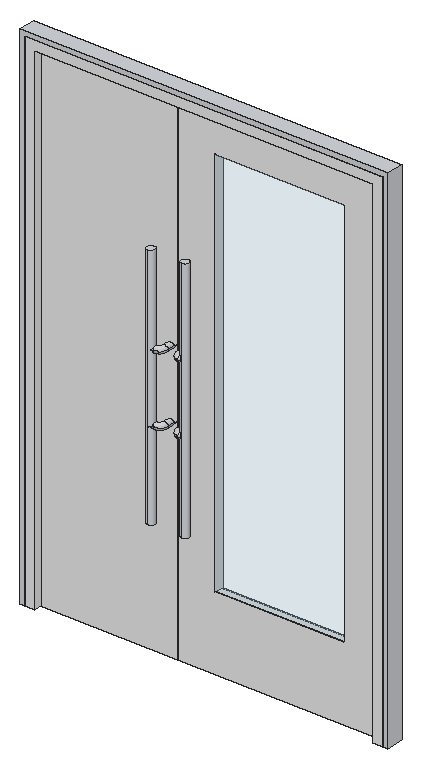
Revit family "AC_Дверь_Двупольная_Стальная_Противопожарная", category Двери, Revit 2022
Family settings
  Основа = Стена
  Номер OmniClass = 23.30.10.00
  Заголовок OmniClass = Doors
  Всегда вертикально = Да
  При загрузке вырезать с полостями = Нет
  Общий = Нет
  Точка принадлежности помещению = Нет
Parameters (values of type "ДСВ Дп Брг 2100х1500 Противопожарная")
  Четверт_Высота [instance] = 40 mm
  Четверть [instance] = no
  Четверть_Сверху [instance] = if(Четверть, Четверт_Высота, 0 mm)  # 0 mm
  Четверть_Сбоку [instance] = if(Четверть, Четверть_Ширина, 0 mm)  # 0 mm
  Четверть_Ширина [instance] = 40 mm
  Функция = Наружные слои
  УГО_Толщина = 20 mm
  Тип ручки = 1Ручка : Витражная
  Тип полотна двери 2 = АС-Полотно : Глухое
  Тип полотна двери 1 = АС-Полотно : Остекленное
  Тип открывания [instance] = 2
  Ручка полотна 2 = yes
  Ручка полотна 1 = yes
  Ручка двери = none
  Рама двери2_Ширина справа = 150 mm
  Рама двери2_Ширина слева = 150 mm
  Рама двери2_Ширина внизу = 300 mm
  Рама двери2_Ширина вверху = 150 mm
  Рама двери1_Ширина справа = 150 mm
  Рама двери1_Ширина слева = 150 mm
  Рама двери1_Ширина внизу = 300 mm
  Рама двери1_Ширина вверху = 150 mm
  Рама двери = none
  Равные полотна = no
  Полотно2_Ширина = ДопШирина - Полотно1_Размер - Коробка_Ширина * 2  # 570 mm
  Полотна_Высота = ДопВысота - Коробка_Ширина  # 2050 mm
  Полотно1_Ширина = 830 mm
  Полотно1_Размер = if(Равные полотна, Полотна_Ширина / 2, Полотно1_Ширина)  # 830 mm
  Полотна_Ширина = ДопШирина - Коробка_Ширина * 2  # 1400 mm
  Определить тепловые свойства по = Тип схем
  ДопШирина = Rough Width - Монтажный зазор_Справа и Слева * 2  # 1460 mm
  ДопВысота = Rough Height - Монтажный зазор_Верх  # 2080 mm
  Высота расположения ручки = 1000 mm
  Высота витражной ручки = 1000 mm
  Аналитическая конструкция = "<Нет>"
  ADSK_Обозначение = "ГОСТ 31173-2016"
  Наличник двери = none
  ADSK_Наименование = "ДСВ Дп Брг 2100х1500"
  Монтажный зазор_Верх = 20 mm  # constant formula
  Коробка_Ширина = 30 mm
  Коробка_Толщина = 70 mm
  Полотно двери = none
  Остекление двери = none
  Наличник_Ширина [instance] = 60 mm
  Наличник_Толщина [instance] = 10 mm
  Наличник снаружи [instance] = no
  Наличник внутри [instance] = no
  Монтажный зазор_Справа и Слева = 20 mm  # constant formula
  Вставка(Четверть.Глубина) [instance] = 0 mm
  Инструкция по семейству [instance] = ""
  Огибание наружных слоев [instance] = 0 mm
  Width [instance] = Rough Width  # 1500 mm
  Thickness = 40 mm
  Rough Width = 1500 mm
  Rough Height = 2100 mm
  Model = ""
  Manufacturer = ""
  Wall Closure = (empty or 0)
  Height [instance] = Rough Height  # 2100 mm
  Description = ""
  Тип конструкций = "Дверь стальная"
  ADSK_Этаж [instance] = ""
  ADSK_Толщина стены [instance] = 600 mm
  ADSK_Примечание [instance] = ""
  ADSK_Предел огнестойкости = ""
  ADSK_Позиция [instance] = ""
  ADSK_Открывание = if(Равные полотна, "Равные полотна", if(Полотно1_Ширина > Полотно2_Ширина, "Левая", "Правая"))  # "Левая"
  ADSK_Откосы Глубина [instance] = 530 mm
  ADSK_Наименование краткое = ""
  ADSK_Масса_Текст = ""
  ADSK_Количество [instance] = 0
  ADSK_Код изделия = ""
  ADSK_Зона [instance] = ""
  ADSK_Завод-изготовитель = ""
  ADSK_Единица измерения = ""
  ADSK_Группирование [instance] = ""
  ADSK_Версия семейства = "v.1.0"  # constant formula
  ADSK_Версия Revit = "v2019"  # constant formula
  ADSK_URL страницы изделия = ""
  ADSK_URL документации изделия = ""
Types (2, lengths in mm): name | Тип полотна двери 2 | Тип полотна двери 1 | Полотно2_Ширина | Полотна_Высота | Полотно1_Ширина | Полотно1_Размер | Полотна_Ширина | ДопШирина | ДопВысота | ADSK_Наименование | Width | Rough Width | Rough Height | Height | ADSK_Открывание
  ДСВ Дп Брг 2400х1550 Противопожарная | АС-Полотно : Остекленное | АС-Полотно : Глухое | 880 | 2350 | 570 | 570 | 1450 | 1510 | 2380 | "ДСВ Дп Брг 2400х1550" | 1550 | 1550 | 2400 | 2400 | "Правая"
  ДСВ Дп Брг 2100х1500 Противопожарная | АС-Полотно : Глухое | АС-Полотно : Остекленное | 570 | 2050 | 830 | 830 | 1400 | 1460 | 2080 | "ДСВ Дп Брг 2100х1500" | 1500 | 1500 | 2100 | 2100 | "Левая"
Reference planes
  plane 1: y = 0
  plane 2 "По центру (Влево/Вправо)": x = 0
  plane 3 "Слева": x = -750
  plane 4 "Справа": x = 750
  plane 5: z = 2100
  plane 6 "Наружный": y = 300
  plane 7 "Внутренние": y = -300
  plane 8 "Вставка двери": y = 300
  plane 9 "Четверть слева": x = -750
  plane 10 "Четверть справа": x = 750
  plane 11 "Четверть сверху": z = 2100
  plane 12 "Полотно двери": y = 260
  plane 13 "Рама внутри": y = 230
  plane 14 "Монтажный зазор слева": x = -730
  plane 15 "Монтажный зазор справа": x = 730
  plane 16 "Монтажный зазор сверху": z = 2080
  plane 17 "Глубина огибания наружного слоя": y = 300
  plane 18: y = 310
  plane 19: x = 740
  plane 20: y = -310
  plane 21: x = -740
  plane 22: x = -700
  plane 23: x = 700
  plane 24: z = 1025
  plane 25 "Верх полотна": z = 2050
  plane 26 "Разделение полотен": x = -130
Forms (mm)
  Extrusion 1, void
    sketch origin (0, 0, 0) x (1, 0, 0) y (0, 1, 0)
      loop
        line (750, 300) -> (-750, 300) -> (-750, -800) -> (750, -800) -> (750, 300)
    from 0 to 2100
  Extrusion 2, void
    sketch origin (0, 0, 0) x (1, 0, 0) y (0, 1, 0)
      loop
        line (750, 800) -> (-750, 800) -> (-750, 300) -> (750, 300) -> (750, 800)
    from 0 to 2100
  Sweep 3, solid, material <- "Наличник двери", visible <- "Наличник снаружи", detail levels fine
    path origin (0, 300, 0) x (1, 0, 0) y (0, 0, 1)
      loop
        line (-750, 0) -> (-750, 2100) -> (750, 2100) -> (750, 0)
    profile origin (-750, 300, 1050) x (-1, 0, 0) y (0, -1, 0)
      loop
        line (-10, 0) -> (-10, -5)
        arc (-10, -5) -> (-8.536, -8.536) -> (-5, -10) r 5
        line (-5, -10) -> (45, -10)
        arc (45, -10) -> (48.536, -8.536) -> (50, -5) r 5
        line (50, -5) -> (50, 0) -> (-10, 0)
  Sweep 4, solid, material <- "Наличник двери", visible <- "Наличник внутри", detail levels fine
    path origin (0, -300, 0) x (1, 0, 0) y (0, 0, 1)
      loop
        line (-750, 0) -> (-750, 2100) -> (750, 2100) -> (750, 0)
    profile origin (-750, -300, 1050) x (-1, 0, 0) y (0, -1, 0)
      loop
        line (-20, 0) -> (40, 0) -> (40, 5)
        arc (40, 5) -> (38.536, 8.536) -> (35, 10) r 5
        line (35, 10) -> (-15, 10)
        arc (-15, 10) -> (-18.536, 8.536) -> (-20, 5) r 5
        line (-20, 5) -> (-20, 0)
  Sweep 5, solid, material <- "Рама двери", detail levels medium+fine
    path origin (0, 300, 0) x (-1, 0, 0) y (0, 0, 1)
      loop
        line (730, 0) -> (730, 2080) -> (-730, 2080) -> (-730, 0)
    profile origin (730, 300, 1040) x (0, 1, 0) y (-1, 0, 0)
      loop
        line (0, 0) -> (0, 30) -> (-40, 30) -> (-40, 40) -> (-70, 40) -> (-70, 0) -> (0, 0)
  Sweep 6, solid, material <- "Наличник двери", visible <- "Наличник внутри", detail levels fine
    path origin (0, 230, 0) x (-1, 0, 0) y (0, 0, 1)
      loop
        line (750, 0) -> (750, 2100) -> (-750, 2100) -> (-750, 0)
    profile origin (-750, 230, 1050) x (1, 0, 0) y (0, 1, 0)
      loop
        line (0, -535) -> (20, -535) -> (20, 0) -> (0, 0) -> (0, -535)
  Sweep 7, solid, material <- "Наличник двери", visible <- "Наличник снаружи", detail levels fine
    path origin (0, 300, 0) x (-1, 0, 0) y (0, 0, 1)
      loop
        line (750, 0) -> (750, 2100) -> (-750, 2100) -> (-750, 0)
    profile origin (750, 300, 1050) x (0, 1, 0) y (-1, 0, 0)
      loop
        line (5, 0) -> (5, 10) -> (0, 10) -> (0, 0) -> (5, 0)
  Extrusion 8, solid, material <- "Рама двери", detail levels medium+fine
    sketch origin (-2514.822, 300, 1200) x (-1, 0, 0) y (0, 0, 1)
      loop
        line (-3264.822, 900) -> (-3264.822, -1200) -> (-3244.822, -1200) -> (-3244.822, 880) -> (-1784.822, 880) -> (-1784.822, -1200) -> (-1764.822, -1200) -> (-1764.822, 900) -> (-3264.822, 900)
    from 0 to -70
Cuts and joins
  joined: Sweep 4, Sweep 6
  joined: Sweep 3, Sweep 7
Lines and regions (mm)
  Masking region 1, detail levels fine
    outline origin (0, 0, 0) x (0, 1, 0) y (0, 0, 1)
      loop
        line (230, 2040) -> (260, 2040) -> (260, 2050) -> (300, 2050) -> (300, 2080) -> (230, 2080) -> (230, 2040)
  Masking region 2, detail levels fine
    outline origin (0, 0, 0) x (0, 1, 0) y (0, 0, 1)
      loop
        line (300, 2080) -> (300, 2100) -> (230, 2100) -> (230, 2080) -> (300, 2080)
  Masking region 3, detail levels fine
    outline origin (0, 0, 0) x (0, 1, 0) y (0, 0, 1)
      loop
        line (300, 0) -> (300, 2050) -> (260, 2050) -> (260, 0) -> (300, 0)
  Masking region 4, detail levels fine
    outline origin (0, 0, 0) x (0, 1, 0) y (0, 0, 1)
      loop
        line (230, 2040) -> (230, 0) -> (260, 0) -> (260, 2040) -> (230, 2040)
  Masking region 5, detail levels coarse+medium
    outline origin (0, 0, 0) x (0, 1, 0) y (0, 0, 1)
      loop
        line (300, 0) -> (300, 2100) -> (230, 2100) -> (230, 0) -> (300, 0)
  symbolic lines, style "Открывание", detail levels medium
    curve 1: line (-700, 300, 0) -> (-130, 300, 1025)
    curve 2: line (-130, 300, 1025) -> (-700, 300, 2050)
  symbolic lines, style "Открывание", not visible, detail levels medium
    curve 3: line (700, 300, 0) -> (-130, 300, 1025)
    curve 4: line (-130, 300, 1025) -> (700, 300, 2050)
Text (mm)
  text "Наружный" at (-2295.016, 1099.543, 0), in view "Опорный уровень "
  text "Наружный" at (0, 1615.38, 3698.081), in view "Слева"
  text "Наружный" at (0, 1036.032, 3874.932), in view "Справа"
Dimensions and locks
  equal spacing: plane 14 "Монтажный зазор слева", plane 2 "По центру (Влево/Вправо)", plane 15 "Монтажный зазор справа"
  "Width": plane 3 "Слева" to plane 4 "Справа"
  "ДопВысота": host wall to plane 16 "Монтажный зазор сверху"
  "Height": host wall to plane 5
  locked: plane 6 "Наружный" to host wall
  locked: plane 7 "Внутренние" to host wall
  locked: Extrusion 1 sketch curve to plane 7 "Внутренние" at 500
  "Четверть_Сбоку": plane 3 "Слева" to plane 9 "Четверть слева"
  "Четверть_Сбоку": plane 10 "Четверть справа" to plane 4 "Справа"
  "Четверть_Сверху": plane 11 "Четверть сверху" to plane 5
  locked: plane 6 "Наружный" to Extrusion 2 sketch curve at 500
  "Вставка(Четверть.Глубина)": plane 6 "Наружный" to plane 8 "Вставка двери"
  "Наличник_Ширина": Sweep 3 sketch curve to plane 21
  "Коробка_Толщина": plane 8 "Вставка двери" to plane 13 "Рама внутри"
  "Thickness": plane 8 "Вставка двери" to plane 12 "Полотно двери"
  "Огибание наружных слоев": plane 6 "Наружный" to plane 17 "Глубина огибания наружного слоя"
  "Наличник_Ширина": Sweep 4 sketch curve to Sweep 4 sketch curve
  locked: Sweep 4 sketch curve to Sweep 4 sketch curve at 5  (x4)
  locked: Sweep 3 sketch curve to Sweep 3 sketch curve at 5
  "Коробка_Ширина": Sweep 5 sketch curve to profile plane
  locked: Sweep 5 sketch curve to Sweep 5 sketch curve at 10
  locked: Sweep 6 sketch curve to plane 20 at 5
  "Наличник_Толщина": plane 7 "Внутренние" to plane 20
  "Наличник_Толщина": plane 18 to plane 6 "Наружный"
  "Наличник_Толщина": plane 9 "Четверть слева" to plane 21
  "Наличник_Толщина": plane 19 to plane 10 "Четверть справа"
  locked: plane 18 to Sweep 3 sketch curve at 5  (x2)
  locked: Sweep 3 sketch curve to plane 21 at 5
  locked: plane 18 to Sweep 7 sketch curve at 5
  "ADSK_Откосы Глубина": plane 7 "Внутренние" to plane 13 "Рама внутри"
  equal spacing: plane 3 "Слева", plane 2 "По центру (Влево/Вправо)", plane 4 "Справа"
  "ДопШирина": plane 14 "Монтажный зазор слева" to plane 15 "Монтажный зазор справа"
  "Коробка_Ширина": plane 14 "Монтажный зазор слева" to plane 22
  "Коробка_Ширина": plane 23 to plane 15 "Монтажный зазор справа"
  equal spacing: level, plane 24, plane 25 "Верх полотна"
  "Коробка_Ширина": plane 25 "Верх полотна" to plane 16 "Монтажный зазор сверху"
  "Полотно1_Размер": plane 26 "Разделение полотен" to plane 23
  "ADSK_Толщина стены": host wall to host wall
  aligned and locked: plane 1 to host wall
  aligned and locked: plane 8 "Вставка двери" to Extrusion 1 sketch curve
  aligned and locked: plane 3 "Слева" to Extrusion 1 sketch curve
  aligned and locked: Extrusion 1 sketch curve to plane 4 "Справа"
  aligned and locked: Extrusion 1 to level
  aligned and locked: Extrusion 1 to plane 5
  aligned and locked: Extrusion 2 sketch curve to plane 8 "Вставка двери"
  aligned and locked: plane 10 "Четверть справа" to Extrusion 2 sketch curve
  aligned and locked: Extrusion 2 sketch curve to plane 9 "Четверть слева"
  aligned and locked: Extrusion 2 to level
  aligned and locked: plane 11 "Четверть сверху" to Extrusion 2
  aligned and locked: plane 9 "Четверть слева" to Sweep 3 sketch curve
  aligned and locked: plane 11 "Четверть сверху" to Sweep 3 sketch curve
  aligned and locked: plane 10 "Четверть справа" to Sweep 3 sketch curve
  aligned and locked: Sweep 4 sketch curve to plane 3 "Слева"
  aligned and locked: Sweep 4 sketch curve to plane 5
  aligned and locked: Sweep 4 sketch curve to plane 4 "Справа"
  aligned and locked: level to Sweep 4 sketch curve  (x2)
  aligned and locked: Sweep 4 sketch curve to plane 7 "Внутренние"
  aligned and locked: Sweep 5 sketch curve to plane 15 "Монтажный зазор справа"
  aligned and locked: Sweep 5 sketch curve to plane 16 "Монтажный зазор сверху"
  aligned and locked: Sweep 5 sketch curve to plane 14 "Монтажный зазор слева"
  aligned and locked: level to Sweep 5 sketch curve  (x2)
  aligned and locked: profile plane to Sweep 5 sketch curve
  aligned and locked: plane 13 "Рама внутри" to Sweep 5 sketch curve
  aligned and locked: plane 8 "Вставка двери" to Sweep 5 sketch curve
  aligned and locked: plane 12 "Полотно двери" to Sweep 5 sketch curve
  aligned and locked: Sweep 4 sketch curve to plane 14 "Монтажный зазор слева"
  aligned and locked: plane 3 "Слева" to Sweep 6 sketch curve
  aligned and locked: plane 5 to Sweep 6 sketch curve
  aligned and locked: plane 4 "Справа" to Sweep 6 sketch curve
  aligned and locked: level to Sweep 6 sketch curve  (x2)
  aligned and locked: Sweep 6 sketch curve to plane 3 "Слева"
  aligned and locked: Sweep 6 sketch curve to plane 14 "Монтажный зазор слева"
  aligned and locked: Sweep 6 sketch curve to plane 13 "Рама внутри"
  aligned and locked: profile plane to Sweep 3 sketch curve
  aligned and locked: level to Sweep 7 sketch curve  (x2)
  aligned and locked: Sweep 7 sketch curve to plane 11 "Четверть сверху"
  aligned and locked: plane 10 "Четверть справа" to Sweep 7 sketch curve  (x2)
  aligned and locked: plane 9 "Четверть слева" to Sweep 7 sketch curve
  aligned and locked: plane 8 "Вставка двери" to Sweep 7 sketch curve
  aligned and locked: plane 20 to Sweep 4 sketch curve
  aligned and locked: plane 18 to Sweep 3 sketch curve
  aligned and locked: Sweep 7 sketch curve to plane 19
  aligned and locked: Masking region 1 sketch curve to Sweep 5  (x2)
  aligned and locked: plane 12 "Полотно двери" to Masking region 1 sketch curve
  aligned and locked: plane 13 "Рама внутри" to Masking region 1 sketch curve
  aligned and locked: plane 8 "Вставка двери" to Masking region 1 sketch curve
  aligned and locked: plane 16 "Монтажный зазор сверху" to Masking region 1 sketch curve
  aligned and locked: plane 8 "Вставка двери" to Masking region 2 sketch curve
  aligned and locked: plane 13 "Рама внутри" to Masking region 2 sketch curve
  aligned and locked: plane 16 "Монтажный зазор сверху" to Masking region 2 sketch curve
  aligned and locked: plane 5 to Masking region 2 sketch curve
  aligned and locked: plane 8 "Вставка двери" to Masking region 3 sketch curve
  aligned and locked: plane 12 "Полотно двери" to Masking region 3 sketch curve
  aligned and locked: level to Masking region 3 sketch curve
  aligned and locked: Masking region 3 sketch curve to Sweep 5
  aligned and locked: Masking region 4 sketch curve to Sweep 5
  aligned and locked: plane 13 "Рама внутри" to Masking region 4 sketch curve
  aligned and locked: plane 12 "Полотно двери" to Masking region 4 sketch curve
  aligned and locked: level to Masking region 4 sketch curve
  aligned and locked: plane 8 "Вставка двери" to Masking region 5 sketch curve
  aligned and locked: plane 13 "Рама внутри" to Masking region 5 sketch curve
  aligned and locked: plane 5 to Masking region 5 sketch curve
  aligned and locked: level to Masking region 5 sketch curve
  aligned and locked: Extrusion 8 sketch curve to plane 4 "Справа"
  aligned and locked: Extrusion 8 sketch curve to plane 3 "Слева"
  aligned and locked: Extrusion 8 sketch curve to plane 5
  aligned and locked: Extrusion 8 sketch curve to plane 16 "Монтажный зазор сверху"
  aligned and locked: Extrusion 8 sketch curve to plane 14 "Монтажный зазор слева"
  aligned and locked: Extrusion 8 sketch curve to plane 15 "Монтажный зазор справа"
  aligned and locked: Extrusion 8 sketch curve to level
  aligned and locked: Extrusion 8 to plane 13 "Рама внутри"
  aligned and locked: plane 8 "Вставка двери" to Extrusion 8
  aligned and locked: curve 3 to Sweep 5
  aligned and locked: Sweep 5 to curve 1
  aligned and locked: plane 25 "Верх полотна" to curve 2
  aligned and locked: plane 25 "Верх полотна" to curve 4
  aligned and locked: level to curve 1
  aligned and locked: level to curve 3
  aligned and locked: nested 1 to plane 8 "Вставка двери"
  aligned and locked: nested 1 to plane 4 "Справа"
  aligned and locked: plane 8 "Вставка двери" to nested 2
  aligned and locked: nested 2 to plane 3 "Слева"
  aligned and locked: plane 26 "Разделение полотен" to curve 2
  aligned and locked: plane 24 to curve 1
  aligned and locked: nested 3 to plane 8 "Вставка двери"
  aligned and locked: nested 3 to plane 23
  aligned and locked: plane 26 "Разделение полотен" to nested 3
  aligned and locked: nested 4 to plane 22
  aligned and locked: plane 26 "Разделение полотен" to nested 4
  aligned and locked: nested 4 to plane 8 "Вставка двери"
  aligned and locked: nested 5 to plane 8 "Вставка двери"
  aligned and locked: plane 26 "Разделение полотен" to nested 5
  aligned and locked: plane 8 "Вставка двери" to nested 6
  aligned and locked: plane 26 "Разделение полотен" to nested 6
Automatic sketch dimensions
  Sweep 3 sketch curve to level = 0 mm  (x2)
  Extrusion 8 sketch curve to level = 0 mm
  plane 23 to curve 4 = 0 mm
  plane 22 to curve 2 = 0 mm
Nested families
  nested 1: "АС-Обозначение на плане двупольная" at (750, 300, 0), Rough Width <- "Полотно1_Размер", Монтажный зазор.Ширина сбоку <- "Монтажный зазор_Справа и Слева", Коробка.Ширина <- "Коробка_Ширина", Коробка.Толщина <- "Коробка_Толщина", Thickness <- "УГО_Толщина", Height <- "Height", Тип открывания <- "Тип открывания", type "АС-Стандарт", detail levels medium+fine
    with Тип открывания 2, Открывание двери 90 no, Открывание двери 45 yes, Открывание двери 30 no, Монтажный зазор.Ширина сбоку 20 mm, Коробка.Ширина 30 mm, Коробка.Толщина 70 mm, Width 880 mm, Thickness 20 mm, Rough Width 830 mm, Height 2100 mm
  nested 2: "АС-Обозначение на плане двупольная" at (-750, 300, 0) x (-1, 0, 0) z (0, 0, 1), Rough Width <- "Полотно2_Ширина", Монтажный зазор.Ширина сбоку <- "Монтажный зазор_Справа и Слева", Коробка.Ширина <- "Коробка_Ширина", Коробка.Толщина <- "Коробка_Толщина", Thickness <- "УГО_Толщина", Height <- "Height", Тип открывания <- "Тип открывания", type "АС-Стандарт", detail levels medium+fine
    with Тип открывания 2, Открывание двери 90 no, Открывание двери 45 yes, Открывание двери 30 no, Монтажный зазор.Ширина сбоку 20 mm, Коробка.Ширина 30 mm, Коробка.Толщина 70 mm, Width 620 mm, Thickness 20 mm, Rough Width 570 mm, Height 2100 mm
  nested 3: "АС-Полотно" at (285, 300, 0), Рама.Ширина справа <- "Рама двери1_Ширина справа", Рама.Ширина слева <- "Рама двери1_Ширина слева", Рама.Ширина внизу <- "Рама двери1_Ширина внизу", Рама.Ширина вверху <- "Рама двери1_Ширина вверху", Полотно двери.Ширина <- "Полотно1_Размер", Полотно двери.Толщина <- "Thickness", Полотно двери.Высота <- "Полотна_Высота", type <- "Тип полотна двери 1", type "Остекленное"
    with Рама.Ширина справа 150 mm, Рама.Ширина слева 150 mm, Рама.Ширина внизу 300 mm, Рама.Ширина вверху 150 mm, Полотно двери.Ширина 830 mm, Полотно двери.Толщина 40 mm, Полотно двери.Высота 2050 mm, Остекленное yes, Глухое no
  nested 4: "АС-Полотно" at (-415, 300, 0), Рама.Ширина справа <- "Рама двери2_Ширина справа", Рама.Ширина слева <- "Рама двери2_Ширина слева", Рама.Ширина внизу <- "Рама двери2_Ширина внизу", Рама.Ширина вверху <- "Рама двери2_Ширина вверху", Полотно двери.Ширина <- "Полотно2_Ширина", Полотно двери.Толщина <- "Thickness", Полотно двери.Высота <- "Полотна_Высота", type <- "Тип полотна двери 2", type "Глухое"
    with Рама.Ширина справа 150 mm, Рама.Ширина слева 150 mm, Рама.Ширина внизу 300 mm, Рама.Ширина вверху 150 mm, Полотно двери.Ширина 570 mm, Полотно двери.Толщина 40 mm, Полотно двери.Высота 2050 mm
  nested 5: "1Ручка" at (-130, 300, 0), Ручка двери <- "Ручка двери", Полотно двери.Толщина <- "Thickness", visible <- "Ручка полотна 1", type <- "Тип ручки", Высота ручки <- "Высота витражной ручки", Высота расположения ручки <- "Высота расположения ручки", type "Витражная"
  nested 6: "1Ручка" at (-130, 300, 0) x (-1, 0, 0) z (0, 0, 1), Ручка двери <- "Ручка двери", Полотно двери.Толщина <- "Thickness", visible <- "Ручка полотна 2", type <- "Тип ручки", Высота ручки <- "Высота витражной ручки", Высота расположения ручки <- "Высота расположения ручки", type "Витражная"
Definition of nested family "АС-Полотно"
  Parameters
    Фурнитура = none
    Рама.Ширина справа [instance] = 50 mm
    Рама.Ширина слева [instance] = 50 mm
    Рама.Ширина внизу [instance] = 50 mm
    Рама.Ширина вверху [instance] = 50 mm
    Остекленное = not(Глухое)  # no
    Полотно двери.Ширина [instance] = 1000 mm
    Полотно двери.Толщина [instance] = 40 mm
    Полотно двери.Высота [instance] = 2100 mm
    Полотно двери = none
    Глухое = yes
    Остекление двери = none
    Default Elevation = 0 mm
  Reference planes
    plane 1 "Center (Front/Back)": y = 0
    plane 2: z = 0
    plane 3 "Center (Left/Right)": x = 0
    plane 4: x = -500
    plane 5: x = 500
    plane 6 "Back": y = -40
    plane 7: z = 2100
    plane 8 "Остекление снаружи": y = -8
    plane 9 "Остекление внутри": y = -32
    plane 10 "Ширина рамы справа": x = -450
    plane 11 "Ширина рамы слева": x = 450
    plane 12 "Ширина рамы внизу": z = 50
    plane 13 "Ширина рамы вверху": z = 2050
  Forms (mm)
    Extrusion 1, solid, material <- "Полотно двери", visible <- "Глухое", detail levels medium+fine
      sketch origin (0, 0, 0) x (1, 0, 0) y (0, 0, 1)
        loop
          line (-500, 2100) -> (-500, 0) -> (500, 0) -> (500, 2100) -> (-500, 2100)
      from 0 to 40 <- "Полотно двери.Толщина"
    Extrusion 2, solid, material <- "Полотно двери", visible <- "Остекленное", detail levels medium+fine
      sketch origin (0, 0, 0) x (1, 0, 0) y (0, 0, 1)
        loop
          line (-500, 2100) -> (-500, 0) -> (500, 0) -> (500, 2100) -> (-500, 2100)
        loop
          line (-450, 50) -> (450, 50) -> (450, 2050) -> (-450, 2050) -> (-450, 50)
      from 0 to 40
    Extrusion 3, solid, material <- "Остекление двери", visible <- "Остекленное", detail levels medium+fine
      sketch origin (-646.608, -8, 1200) x (-1, 0, 0) y (0, 0, 1)
        loop
          line (-196.608, 850) -> (-1096.608, 850) -> (-1096.608, -1150) -> (-196.608, -1150) -> (-196.608, 850)
      from 0 to -24
  Dimensions and locks
    "Полотно двери.Толщина": plane 1 "Center (Front/Back)" to plane 6 "Back"
    equal spacing: plane 4, plane 3 "Center (Left/Right)", plane 5
    "Полотно двери.Ширина": plane 4 to plane 5
    "Полотно двери.Высота": plane 7 to plane 2
    locked: plane 9 "Остекление внутри" to plane 6 "Back" at 8
    locked: plane 1 "Center (Front/Back)" to plane 8 "Остекление снаружи" at 8
    "Рама.Ширина вверху": plane 7 to plane 13 "Ширина рамы вверху"
    "Рама.Ширина внизу": plane 12 "Ширина рамы внизу" to plane 2
    "Рама.Ширина справа": plane 5 to plane 11 "Ширина рамы слева"
    "Рама.Ширина слева": plane 10 "Ширина рамы справа" to plane 4
    plane 7 to plane 2 = 2100 mm
    aligned and locked: level to plane 2
    aligned and locked: Extrusion 1 sketch curve to plane 7
    aligned and locked: plane 4 to Extrusion 1 sketch curve
    aligned and locked: plane 2 to Extrusion 1 sketch curve
    aligned and locked: Extrusion 1 sketch curve to plane 5
    aligned and locked: Extrusion 1 to plane 1 "Center (Front/Back)"
    aligned and locked: Extrusion 1 to plane 6 "Back"
    aligned and locked: Extrusion 2 sketch curve to plane 4
    aligned and locked: Extrusion 2 sketch curve to plane 5
    aligned and locked: Extrusion 2 sketch curve to plane 7
    aligned and locked: Extrusion 2 sketch curve to plane 2
    aligned and locked: Extrusion 2 sketch curve to plane 12 "Ширина рамы внизу"
    aligned and locked: Extrusion 2 sketch curve to plane 10 "Ширина рамы справа"
    aligned and locked: Extrusion 2 sketch curve to plane 11 "Ширина рамы слева"
    aligned and locked: Extrusion 2 sketch curve to plane 13 "Ширина рамы вверху"
    aligned and locked: Extrusion 2 to plane 1 "Center (Front/Back)"
    aligned and locked: Extrusion 2 to plane 6 "Back"
    aligned and locked: plane 10 "Ширина рамы справа" to Extrusion 3 sketch curve
    aligned and locked: plane 11 "Ширина рамы слева" to Extrusion 3 sketch curve
    aligned and locked: plane 13 "Ширина рамы вверху" to Extrusion 3 sketch curve
    aligned and locked: plane 12 "Ширина рамы внизу" to Extrusion 3 sketch curve
    aligned and locked: Extrusion 3 to plane 8 "Остекление снаружи"
    aligned and locked: Extrusion 3 to plane 9 "Остекление внутри"
    aligned and locked: plane 7 to Extrusion 2
    aligned and locked: plane 4 to Extrusion 2
Definition of nested family "1Ручка"
  Parameters (values of type "ПСК_Витражная")
    Стндартная = no
    Ручка двери [instance] = none
    Полотно двери.Толщина [instance] = 40 mm
    Отступ ручки от края = 60 mm
    Define Thermal Properties by = 1
    Высота ручки [instance] = 1000 mm
    Высота расположения ручки [instance] = 1000 mm
    Default Elevation = 0 mm
    Витражная = yes
    Analytic Construction = "<Нет>"
  Reference planes
    plane 1 "Наружная сторона полотна": y = 0
    plane 2: z = 0
    plane 3 "Край полотна": x = 0
    plane 4 "Вертикаль расположения": x = 60
    plane 5 "Горизонталь расположения": z = 1000
    plane 6 "Внутренняя сторона полотна": y = -40
  Forms (mm)
    Sweep 1, solid, material <- "Ручка двери", visible <- "Витражная", detail levels fine
      path origin (-30, 0, 1140) x (1, 0, 0) y (0, 1, 0)
        loop
          line (100, 50) -> (80, 50)
          arc (80, 50) -> (65.858, 44.142) -> (60, 30) r 20
          line (60, 30) -> (60, -70)
          arc (60, -70) -> (65.858, -84.142) -> (80, -90) r 20
          line (80, -90) -> (100, -90)
      profile origin (30, -20, 1140) x (1, 0, 0) y (0, 0, 1)
        loop
          circle (0, 0) r 12
    Sweep 2, solid, material <- "Ручка двери", visible <- "Витражная", detail levels fine
      path origin (165, 8, 0) x (1, 0, 0) y (0, 0, 1)
        loop
          line (-95, 1500) -> (-95, 500)
      profile origin (70, 8, 1000) x (0, -1, 0) y (1, 0, 0)
        loop
          circle (98, 0) r 16
    Sweep 3, solid, material <- "Ручка двери", visible <- "Витражная", detail levels fine
      path origin (165, 144, 0) x (1, 0, 0) y (0, 0, 1)
        loop
          line (-95, 1500) -> (-95, 500)
      profile origin (70, 144, 1000) x (0, -1, 0) y (1, 0, 0)
        loop
          circle (94, 0) r 16
    Sweep 4, solid, material <- "Ручка двери", visible <- "Витражная", detail levels fine
      path origin (-30, 0, 860) x (0, -1, 0) y (1, 0, 0)
        loop
          line (-50, 100) -> (-50, 80)
          arc (-50, 80) -> (-44.142, 65.858) -> (-30, 60) r 20
          line (-30, 60) -> (70, 60)
          arc (70, 60) -> (84.142, 65.858) -> (90, 80) r 20
          line (90, 80) -> (90, 100)
      profile origin (30, -20, 860) x (1, 0, 0) y (0, 0, 1)
        loop
          circle (0, 0) r 12
  Dimensions and locks
    "Отступ ручки от края": plane 3 "Край полотна" to plane 4 "Вертикаль расположения"
    "Высота расположения ручки": plane 5 "Горизонталь расположения" to level
    "Полотно двери.Толщина": plane 1 "Наружная сторона полотна" to plane 6 "Внутренняя сторона полотна"
    "Высота ручки": Sweep 2 sketch curve to Sweep 2 sketch curve
    "Высота ручки": Sweep 3 sketch curve to Sweep 3 sketch curve
    equal spacing: Sweep 3 sketch curve, plane 5 "Горизонталь расположения", Sweep 3 sketch curve
    equal spacing: Sweep 2 sketch curve, plane 5 "Горизонталь расположения", Sweep 2 sketch curve
  Automatic sketch dimensions
    Sweep 1 sketch curve to plane 4 "Вертикаль расположения" = 30 mm
    Sweep 1 sketch curve to plane 4 "Вертикаль расположения" = 10 mm  (x2)
    Sweep 1 sketch curve to plane 6 "Внутренняя сторона полотна" = 50 mm
    Sweep 1 sketch curve to plane 1 "Наружная сторона полотна" = 30 mm
    Sweep 1 sketch curve to Sweep 1 sketch curve = 20 mm  (x2)
    profile plane to Sweep 1 sketch curve = 0 mm
    Sweep 1 sketch curve to profile plane = 0 mm
    Sweep 2 sketch curve to profile plane = 0 mm
    profile plane to Sweep 2 sketch curve = 98 mm
    Sweep 3 sketch curve to profile plane = 0 mm
    profile plane to Sweep 3 sketch curve = 94 mm
    Sweep 4 sketch curve to plane 4 "Вертикаль расположения" = 30 mm
    Sweep 4 sketch curve to plane 4 "Вертикаль расположения" = 10 mm  (x2)
    Sweep 4 sketch curve to plane 1 "Наружная сторона полотна" = 50 mm
    Sweep 4 sketch curve to plane 6 "Внутренняя сторона полотна" = 30 mm
    Sweep 4 sketch curve to Sweep 4 sketch curve = 20 mm  (x2)
    profile plane to Sweep 4 sketch curve = 0 mm
    Sweep 4 sketch curve to profile plane = 0 mm
    plane 4 "Вертикаль расположения" to Sweep 2 sketch curve = 10 mm
    plane 4 "Вертикаль расположения" to Sweep 3 sketch curve = 10 mm
    radius of Sweep 1 sketch curve = 12 mm
    radius of Sweep 2 sketch curve = 16 mm
    radius of Sweep 3 sketch curve = 16 mm
    radius of Sweep 4 sketch curve = 12 mm
Definition of nested family "АС-Обозначение на плане двупольная"
  Parameters (values of type "АС-Стандарт")
    Тип открывания [instance] = 2
    Открывание двери 90 [instance] = if(Тип открывания = 3, 1 = 1, 1 = 0)  # no
    Открывание двери 45 [instance] = if(Тип открывания = 2, 1 = 1, 1 = 0)  # yes
    Открывание двери 30 [instance] = if(Тип открывания = 1, 1 = 1, 1 = 0)  # no
    Define Thermal Properties by = 1
    Монтажный зазор.Ширина сбоку [instance] = 20 mm
    Коробка.Ширина [instance] = 40 mm
    Коробка.Толщина [instance] = 80 mm
    Width [instance] = Rough Width + Коробка.Ширина + Монтажный зазор.Ширина сбоку  # 960 mm
    Thickness [instance] = 40 mm
    Rough Width [instance] = 900 mm
    Height [instance] = 2100 mm
    Default Elevation = 0 mm
    Analytic Construction = "<Нет>"
  Reference planes
    plane 1 "Center (Front/Back)": y = 0
    plane 2: z = 0
    plane 3 "Center (Left/Right)": x = 0
    plane 4 "Полотно справа": x = -20
    plane 5 "Полотно. Внутренняя сторона": y = -40
    plane 6 "Коробка. Внутренняя сторона": y = -80
    plane 7 "Коробка.Внутренняя сторона слева": x = -960
    plane 8 "Коробка. Внутренняя сторона справа": x = -60
  Lines and regions (mm)
    Masking region 1, detail levels medium+fine
      outline origin (0, 0, 0) x (1, 0, 0) y (0, 1, 0)
        loop
          line (0, 0) -> (-60, 0) -> (-60, -80) -> (0, -80) -> (0, 0)
    Masking region 2, visible <- "Открывание двери 90", detail levels fine
      outline origin (0, 0, 0) x (1, 0, 0) y (0, 1, 0)
        loop
          line (-60, 0) -> (-60, 900) -> (-100, 900) -> (-100, 0) -> (-60, 0)
    Masking region 3, visible <- "Открывание двери 30", detail levels fine
      outline origin (0, 0, 0) x (1, 0, 0) y (0, 1, 0)
        loop
          line (-60, 0) -> (-839.423, 450) -> (-859.423, 415.359) -> (-80, -34.641) -> (-60, 0)
    Masking region 4, visible <- "Открывание двери 45", detail levels fine
      outline origin (6.204, 4.385, 0) x (0.965926, -0.258819, 0) y (0.258819, 0.965926, 0)
        loop
          line (-62.813, -21.37) -> (-842.236, 428.63) -> (-862.236, 393.989) -> (-82.813, -56.011) -> (-62.813, -21.37)
    symbolic lines, visible <- "Открывание двери 30", detail levels coarse+medium
      curve 1: line (-60, 0, 0) -> (-839.423, 450, 0)
    symbolic lines, visible <- "Открывание двери 90", detail levels coarse+medium
      curve 2: line (0, 0, 0) -> (0, 960, 0)
      curve 3: arc (0, 960, 0) -> (-678.823, 678.823, 0) -> (-960, 0, 0) r 960
    symbolic lines, visible <- "Открывание двери 90", detail levels fine
      curve 4: arc (-960, 0, 0) -> (-696.396, 636.396, 0) -> (-60, 900, 0) r 900
    model lines
      curve 5: line (0, 0, 0) -> (0, 0, 2100)
    symbolic lines, detail levels fine
      curve 6: arc (-960, 0, 0) -> (-891.492, 344.415, 0) -> (-696.396, 636.396, 0) r 900
    symbolic lines, visible <- "Открывание двери 30", detail levels medium
      curve 7: arc (-960, 0, 0) -> (-929.333, 232.937, 0) -> (-839.423, 450, 0) r 900
    symbolic lines, visible <- "Открывание двери 45", detail levels medium
      curve 8: arc (-960, 0, 0) -> (-892.879, 345.511, 0) -> (-694.613, 636.325, 0) r 871.838
      curve 9: line (-60, 0, 0) -> (-696.396, 636.396, 0)
  Dimensions and locks
    "Thickness": plane 1 "Center (Front/Back)" to plane 5 "Полотно. Внутренняя сторона"
    plane 1 "Center (Front/Back)" to plane 6 "Коробка. Внутренняя сторона" = 80 mm
    "Коробка.Толщина": plane 6 "Коробка. Внутренняя сторона" to plane 1 "Center (Front/Back)"
    "Rough Width": plane 7 "Коробка.Внутренняя сторона слева" to plane 8 "Коробка. Внутренняя сторона справа"
    "Width": plane 1 "Center (Front/Back)" to curve 2
    "Rough Width": plane 1 "Center (Front/Back)" to Masking region 2 sketch curve
    "Thickness": Masking region 2 sketch curve to plane 8 "Коробка. Внутренняя сторона справа"
    "Rough Width": Masking region 3 sketch curve to Masking region 3 sketch curve
    "Thickness": Masking region 3 sketch curve to Masking region 3 sketch curve
    "Height": curve 5 to level
    "Монтажный зазор.Ширина сбоку": plane 4 "Полотно справа" to plane 3 "Center (Left/Right)"
    "Коробка.Ширина": plane 8 "Коробка. Внутренняя сторона справа" to plane 4 "Полотно справа"
    "Rough Width": curve 1 to curve 1
    "Rough Width": Masking region 4 sketch curve to Masking region 4 sketch curve
    "Thickness": Masking region 4 sketch curve to Masking region 4 sketch curve
    "Rough Width": curve 9 to curve 9
    "Width": radius of curve 3
    "Rough Width": radius of curve 4
    locked: Masking region 3 sketch curve to plane 1 "Center (Front/Back)" (angle 30.00°)
    locked: curve 1 to plane 1 "Center (Front/Back)" (angle 30.00°)
    locked: curve 9 to plane 1 "Center (Front/Back)" (angle 45.00°)
    locked: Masking region 4 sketch curve to plane 1 "Center (Front/Back)" (angle 45.00°)
    aligned and locked: level to plane 2
    aligned and locked: plane 1 "Center (Front/Back)" to curve 2
    aligned and locked: Masking region 1 sketch curve to plane 8 "Коробка. Внутренняя сторона справа"
    aligned and locked: Masking region 1 sketch curve to plane 6 "Коробка. Внутренняя сторона"
    aligned and locked: Masking region 1 sketch curve to plane 1 "Center (Front/Back)"
    aligned and locked: plane 8 "Коробка. Внутренняя сторона справа" to curve 4
    aligned and locked: Masking region 1 to Masking region 2 sketch curve
    aligned and locked: Masking region 2 sketch curve to Masking region 1
    aligned and locked: plane 8 "Коробка. Внутренняя сторона справа" to Masking region 3 sketch curve
    aligned and locked: plane 2 to curve 5
    aligned and locked: plane 3 "Center (Left/Right)" to curve 5
    aligned and locked: plane 3 "Center (Left/Right)" to curve 2
    aligned and locked: plane 1 "Center (Front/Back)" to curve 6
    aligned and locked: Masking region 1 sketch curve to plane 3 "Center (Left/Right)"
    aligned and locked: plane 8 "Коробка. Внутренняя сторона справа" to curve 1
    aligned and locked: plane 8 "Коробка. Внутренняя сторона справа" to Masking region 4
    aligned and locked: plane 1 "Center (Front/Back)" to Masking region 4
    aligned and locked: Masking region 4 to curve 6
  Automatic sketch dimensions
    curve 4 to curve 6 = 0 mm
    curve 4 to curve 7 = 0 mm
    curve 8 to plane 1 "Center (Front/Back)" = 9.918 mm
    curve 8 to plane 8 "Коробка. Внутренняя сторона справа" = 28.219 mm
    curve 6 to curve 8 = 1.783 mm
    plane 1 "Center (Front/Back)" to Masking region 3 sketch curve = 0 mm
    plane 1 "Center (Front/Back)" to Masking region 4 sketch curve = 0 mm
    Masking region 4 sketch curve to plane 8 "Коробка. Внутренняя сторона справа" = 0 mm
